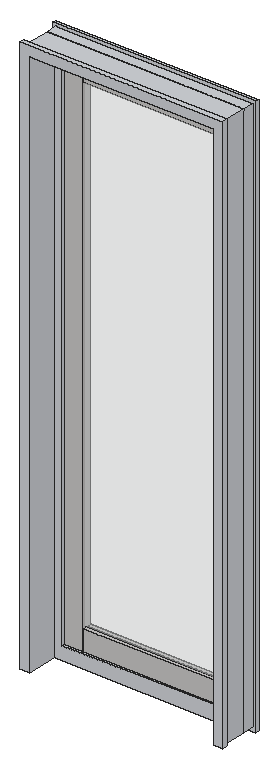
Revit family "APL Residential Thermal Heart Hinged Door Open Out", category Doors, host Wall, Revit 2017
Family settings
  Host = Wall
  OmniClass Number = 23.30.10.00
  OmniClass Title = Doors
  Always vertical = Yes
  Cut with Voids When Loaded = No
  Shared = No
  Room Calculation Point = No
Parameters (values of type "Architrave")
  Rough Width = 815 mm
  Rough Height = 2313 mm
  Reveal Liner = no
  Panel = Rough Width - 95 mm  # 720 mm
  Liner Sill = no
  Liner Head = yes
  Liner End = 10 mm
  Liner = 51 mm
  Jamb Liner 2 = yes
  Jamb Liner 1 = yes
  Groove = 10 mm
  Function = Interior
  Frame Width Sill = 15 mm
  Frame Projection Ext. = 13 mm
  Frame Projection Int. = 20 mm
  Frame Width = 12.5 mm
  Height = Rough Height - 12.5 mm  # 2300.5 mm
  Wall Closure = By host
  Width = Rough Width - 15 mm  # 800 mm
  Architrave = yes
  Analytic Construction = "<None>"
  90° Opening [instance] = no
  15° Opening [instance] = yes
Reference planes
  plane 1: y = 0
  plane 2 "Center (Left/Right)": x = 0
  plane 3 "Left": x = -407.5
  plane 4 "Right": x = 407.5
  plane 5: z = 2313
  plane 6 "Exterior": y = 75
  plane 7 "Interior": y = -75
Forms (mm)
  Extrusion 1, solid, visible <- "Architrave"
    sketch origin (-3050, -75, 0) x (1, 0, 0) y (0, 0, 1)
      loop
        line (2630, 0) -> (2642.5, 0) -> (2642.5, 2313) -> (3457.5, 2313) -> (3457.5, 0) -> (3470, 0) -> (3470, 2325.5) -> (2630, 2325.5) -> (2630, 0)
    from 0 to 20
  Extrusion 2, solid
    sketch origin (0, 0, 0) x (1, 0, 0) y (0, 1, 0)
      loop
        line (-271.167, 77.961) -> (-271.167, 53.752) -> (270.95, 53.752) -> (270.95, 77.961) -> (-271.167, 77.961)
    from 141.653 to 2168.649
  Extrusion 3, solid
    sketch origin (0, 0, 0) x (0, 1, 0) y (0, 0, 1)
      loop
        line (93.461, 2265.457) -> (63.461, 2265.457) -> (63.461, 2168.433) -> (78.451, 2168.433) -> (93.461, 2183.442) -> (93.461, 2265.457)
    from -285.359 to 285.063
  Extrusion 4, solid, visible <- "Architrave"
    sketch origin (0, -32.901, 0) x (1, 0, 0) y (0, 0, 1)
      loop
        line (407.5, 2313) -> (-407.5, 2313) -> (-407.5, 0) -> (-379.424, 0) -> (-379.424, 2285.2) -> (379.424, 2285.2) -> (379.424, 0) -> (407.5, 0) -> (407.5, 2313)
    from -62.788 to 62.099
  Sweep 5, solid, visible <- "Reveal Liner"
    path origin (0, -75, 0) x (1, 0, 0) y (0, 0, 1)
      loop
        line (-407.5, 0) -> (-407.5, 2313) -> (407.5, 2313) -> (407.5, 0)
    profile origin (-407.5, -75, 1156.5) x (-1, 0, 0) y (0, -1, 0)
      loop
        line (-9.076, 20) -> (-28.076, 20) -> (-28.076, -104.887) -> (0, -104.887) -> (0, 0.131) -> (-14.642, 0.131) -> (-14.642, 10) -> (-9.076, 10) -> (-9.076, 20)
  Extrusion 6, solid
    sketch origin (0, 75, 0) x (1, 0, 0) y (0, 0, 1)
      loop
        line (407.5, 2313) -> (-407.5, 2313) -> (-407.5, 0) -> (407.5, 0) -> (407.5, 2313)
      loop
        line (396.8, 2302.3) -> (-396.8, 2302.3) -> (-396.8, 7.8) -> (396.8, 7.8) -> (396.8, 2302.3)
    from 0 to 45.113
  Sweep 7, solid
    path origin (0, 75, 0) x (1, 0, 0) y (0, 0, 1)
      loop
        line (407.5, 2313) -> (-407.5, 2313) -> (-407.5, -2.914) -> (407.5, -2.914) -> (407.5, 2313)
    profile origin (-407.5, 75, 1155.043) x (0, -1, 0) y (1, 0, 0)
      loop
        line (0, -12.5) -> (0, 10.7) -> (45.113, 10.7) -> (45.113, 60.5) -> (33.539, 60.5) -> (33.539, 47.543) -> (-18.461, 47.543) -> (-18.461, 41.5) -> (-20.5, 41.5) -> (-20.5, 5.968) -> (-12.064, -1.111) -> (-12.064, -12.5) -> (0, -12.5)
  Extrusion 8, solid
    sketch origin (0, 0, -12.957) x (0, 1, 0) y (0, 0, 1)
      loop
        line (63.461, 2278.413) -> (41.461, 2278.413) -> (41.461, 2181.389) -> (63.461, 2181.389) -> (63.461, 2278.413)
    from -271.167 to 270.95
  Extrusion 9, solid
    sketch origin (0, 0, -0.55) x (0, 1, 0) y (0, 0, 1)
      loop
        line (63.12, 142.203) -> (41.461, 142.203) -> (41.461, 45.179) -> (63.12, 45.179) -> (63.12, 142.203)
    from -271.167 to 270.95
  Extrusion 10, solid
    sketch origin (0, 0, 2312.086) x (0, 1, 0) y (0, 0, 1)
      loop
        line (93.461, -2267.457) -> (93.461, -2185.442) -> (78.451, -2170.433) -> (63.461, -2170.433) -> (63.461, -2267.457) -> (93.461, -2267.457)
    from -285.359 to 285.063
  Extrusion 11, solid
    sketch origin (-420, 87.064, -15.414) x (0, -1, 0) y (-1, 0, 0)
      loop
        line (45.603, -148.833) -> (45.603, -60.043) -> (23.603, -60.043) -> (23.603, -148.833) -> (45.603, -148.833)
    from -2280.871 to -60.043
  Extrusion 12, solid
    sketch origin (-420, 87.064, -15.414) x (0, -1, 0) y (-1, 0, 0)
      loop
        line (-6.25, -134.787) -> (7.796, -148.833) -> (23.603, -148.833) -> (23.603, -60.043) -> (-6.25, -60.043) -> (-6.25, -134.787)
    from -2280.871 to -60.043
  Extrusion 13, solid
    sketch origin (420, 87.064, -15.414) x (0, 1, 0) y (1, 0, 0)
      loop
        line (-45.603, -149.05) -> (-23.603, -149.05) -> (-23.603, -60.043) -> (-45.603, -60.043) -> (-45.603, -149.05)
    from -2280.871 to -60.043
  Extrusion 14, solid
    sketch origin (420, 87.064, -15.414) x (0, 1, 0) y (1, 0, 0)
      loop
        line (6.397, -134.641) -> (6.397, -60.043) -> (-23.603, -60.043) -> (-23.603, -149.05) -> (-8.013, -149.05) -> (6.397, -134.641)
    from -2280.871 to -60.043
  Extrusion 15, solid
    sketch origin (420, 87.064, -15.414) x (0, 1, 0) y (1, 0, 0)
      loop
        line (-45.603, -149.05) -> (-23.603, -149.05) -> (-23.603, -60.043) -> (-45.603, -60.043) -> (-45.603, -149.05)
    from -2280.871 to -60.043
Cuts and joins
  joined: Extrusion 1, Extrusion 4
  joined: Extrusion 6, Sweep 7
  joined: Extrusion 13, Extrusion 14, Extrusion 15
  joined: Extrusion 11, Extrusion 12
Lines and regions (mm)
  Opening 1
    outline origin (-3050, -75, 0) x (1, 0, 0) y (0, 0, 1)
      loop
        line (2642.5, 0) -> (3457.5, 0) -> (3457.5, 2313) -> (2642.5, 2313) -> (2642.5, 0)
  symbolic lines, style "Elevation Swing"
    curve 1: line (352.941, -75, 1156.5) -> (-359.957, -75, 2258.492)
    curve 2: line (352.941, -75, 1156.5) -> (-359.957, -75, 51.901)
  symbolic lines, style "Plan Swing", visible <- "90° Opening"
    curve 3: line (359.957, 82.064, 0) -> (359.957, 813.461, 0)
    curve 4: arc (359.957, 813.461, 0) -> (-149.099, 602.544, 0) -> (-359.948, 93.461, 0) r 720
  symbolic lines, style "Plan Swing", visible <- "15° Opening"
    curve 5: line (359.957, 93.461, 0) -> (-335.51, 279.81, 0)
    curve 6: arc (-360.043, 93.461, 0) -> (-353.884, 187.439, 0) -> (-335.51, 279.81, 0) r 720
Text (mm)
  text "Exterior" at (-2295.016, 1099.543, 0), in view "Ref. Level"
  text "Exterior" at (0, 1615.38, 3698.081), in view "Left"
  text "Exterior" at (0, 1036.032, 3874.932), in view "Right"
Dimensions and locks
  equal spacing: plane 3 "Left", plane 2 "Center (Left/Right)", plane 4 "Right"
  "Rough Width": plane 3 "Left" to plane 4 "Right"
  "Rough Height": plane 5 to host wall
  equal spacing: host wall, curve 2, plane 5
  host wall to plane 5 = 2313 mm
  "Frame Projection Int.": Extrusion 1 to Extrusion 1
  "Frame Width": plane 3 "Left" to Extrusion 1 sketch curve
  "Frame Width": plane 4 "Right" to Extrusion 1 sketch curve
  "Frame Width": Extrusion 1 sketch curve to plane 5
  locked: plane 6 "Exterior" to host wall at 0
  locked: plane 7 "Interior" to host wall
  nested 1 to plane 5 = 7.5 mm
  Extrusion 6 to plane 6 "Exterior" = 45.113 mm
  Extrusion 3 to Extrusion 6 to Extrusion 6 = 133.867 mm, 10.7 mm
  Extrusion 3 to Extrusion 3 to Extrusion 3 to plane 5 = 15.009 mm locked, 82.014 mm locked, 47.543 mm locked
  locked: Extrusion 2 to plane 5 at 144.351
  Extrusion 10 to Extrusion 10 = 97.024 mm
  locked: cut or joined group of Extrusion 6, Sweep 7 to plane 6 "Exterior" at 45.113
  plane 3 "Left" to cut or joined group of Extrusion 6, Sweep 7 = 60.5 mm
  locked: plane 3 "Left" to Sweep 5 at 28.076
  Sweep 5 to plane 4 "Right" = 28.076 mm
  cut or joined group of Extrusion 6, Sweep 7 to plane 4 "Right" = 60.5 mm
  locked: plane 4 "Right" to Extrusion 3 at 122.437
  locked: plane 3 "Left" to Extrusion 3 at 122.141
  locked: plane 4 "Right" to Extrusion 10 at 122.437
  locked: plane 3 "Left" to Extrusion 10 at 122.141
  locked: plane 3 "Left" to Extrusion 2 at 136.333
  locked: Extrusion 2 to plane 4 "Right" at 136.55
  locked: cut or joined group of Extrusion 13, Extrusion 14, Extrusion 15 to plane 5 at 47.543  (x3)
  locked: cut or joined group of Extrusion 11, Extrusion 12 to plane 5 at 47.543
  locked: plane 5 to cut or joined group of Extrusion 11, Extrusion 12 at 47.543
  locked: level to nested 1 at 5
  "Panel": radius of curve 6
  "Panel": radius of curve 4
  aligned and locked: plane 3 "Left" to Opening 1 sketch curve
  aligned and locked: plane 5 to Opening 1 sketch curve  (x2)
  aligned and locked: Opening 1 sketch curve to plane 4 "Right"
  aligned and locked: Opening 1 sketch curve to level
  aligned and locked: level to Extrusion 1 sketch curve
  aligned and locked: plane 5 to Extrusion 1 sketch curve  (x2)
  aligned and locked: Extrusion 1 sketch curve to plane 4 "Right"
  aligned and locked: plane 3 "Left" to Extrusion 1 sketch curve
  aligned and locked: plane 1 to host wall
  aligned and locked: Extrusion 1 to Extrusion 4
  aligned and locked: Extrusion 1 to level
  aligned and locked: plane 5 to Sweep 5 sketch curve
  aligned and locked: Sweep 5 sketch curve to plane 4 "Right"
  aligned and locked: Sweep 5 sketch curve to plane 3 "Left"
  aligned and locked: cut or joined group of Extrusion 1, Extrusion 4 to Sweep 5 sketch curve
  aligned and locked: Sweep 5 sketch curve to cut or joined group of Extrusion 1, Extrusion 4
  aligned and locked: Sweep 5 sketch curve to profile plane
  aligned and locked: Extrusion 6 to host wall
  aligned and locked: Sweep 5 sketch curve to Extrusion 6
  aligned and locked: Extrusion 4 to Sweep 5  (x2)
  aligned and locked: Extrusion 4 to cut or joined group of Extrusion 6, Sweep 7
  aligned and locked: Extrusion 2 to Extrusion 9
  aligned and locked: Extrusion 9 to Extrusion 2
  aligned and locked: Extrusion 8 to Extrusion 2
  aligned and locked: Extrusion 2 to Extrusion 8
  aligned and locked: cut or joined group of Extrusion 6, Sweep 7 to curve 5
Automatic sketch dimensions
  plane 4 "Right" to curve 2 = 54.559 mm
  plane 5 to curve 1 = 54.508 mm
  level to curve 2 = 51.901 mm
  curve 2 to plane 3 "Left" = 47.543 mm
  curve 1 to plane 3 "Left" = 47.543 mm
  Extrusion 2 sketch curve to host wall = 21.248 mm
  Extrusion 2 sketch curve to plane 3 "Left" = 136.333 mm
  plane 4 "Right" to Extrusion 2 sketch curve = 136.55 mm
  host wall to Extrusion 2 sketch curve = 2.961 mm
  Extrusion 3 sketch curve to host wall = 11.539 mm
  host wall to Extrusion 3 sketch curve = 3.451 mm
  host wall to Extrusion 3 sketch curve = 18.461 mm
  plane 5 to Extrusion 3 sketch curve = 144.567 mm
  Extrusion 3 sketch curve to Extrusion 3 sketch curve = 15.009 mm
  plane 5 to Extrusion 3 sketch curve = 47.543 mm
  plane 3 "Left" to Extrusion 4 sketch curve = 0 mm
  Extrusion 4 sketch curve to level = 0 mm  (x2)
  plane 4 "Right" to Extrusion 4 sketch curve = 0 mm
  Extrusion 4 sketch curve to plane 5 = 0 mm
  Extrusion 4 sketch curve to plane 3 "Left" = 28.076 mm
  plane 4 "Right" to Extrusion 4 sketch curve = 28.076 mm
  plane 5 to Extrusion 4 sketch curve = 27.8 mm
  Sweep 5 sketch curve to level = 0 mm  (x2)
  profile plane to Sweep 5 sketch curve = 14.642 mm
  Sweep 5 sketch curve to Sweep 5 sketch curve = 5.565 mm
  plane 7 "Interior" to Sweep 5 sketch curve = 0.131 mm
  Sweep 5 sketch curve to Sweep 5 sketch curve = 10 mm
  plane 3 "Left" to Extrusion 6 sketch curve = 0 mm
  plane 4 "Right" to Extrusion 6 sketch curve = 0 mm
  Extrusion 6 sketch curve to level = 0 mm
  Extrusion 6 sketch curve to plane 5 = 0 mm
  Extrusion 6 sketch curve to plane 3 "Left" = 10.7 mm
  plane 4 "Right" to Extrusion 6 sketch curve = 10.7 mm
  level to Extrusion 6 sketch curve = 7.8 mm
  plane 5 to Extrusion 6 sketch curve = 10.7 mm
  plane 3 "Left" to Sweep 7 sketch curve = 0 mm
  plane 4 "Right" to Sweep 7 sketch curve = 0 mm
  Sweep 7 sketch curve to plane 5 = 0 mm
  Sweep 7 sketch curve to level = 2.914 mm
  plane 6 "Exterior" to Sweep 7 sketch curve = 0 mm
  profile plane to Sweep 7 sketch curve = 1.111 mm
  Sweep 7 sketch curve to plane 6 "Exterior" = 12.064 mm
  Sweep 7 sketch curve to plane 6 "Exterior" = 18.461 mm
  Sweep 7 sketch curve to Sweep 7 sketch curve = 2.039 mm
  plane 6 "Exterior" to Sweep 7 sketch curve = 33.539 mm
  Sweep 7 sketch curve to profile plane = 10.7 mm
  Sweep 7 sketch curve to Sweep 7 sketch curve = 11.574 mm
  profile plane to Sweep 7 sketch curve = 12.5 mm
  Sweep 7 sketch curve to profile plane = 5.968 mm
  Sweep 7 sketch curve to Sweep 7 sketch curve = 35.532 mm
  Sweep 7 sketch curve to Sweep 7 sketch curve = 6.043 mm
  Sweep 7 sketch curve to Sweep 7 sketch curve = 12.957 mm
  Extrusion 8 sketch curve to host wall = 33.539 mm
  Extrusion 8 sketch curve to host wall = 11.539 mm
  plane 5 to Extrusion 8 sketch curve = 144.567 mm
  plane 5 to Extrusion 8 sketch curve = 47.543 mm
  Extrusion 9 sketch curve to host wall = 33.539 mm
  Extrusion 9 sketch curve to host wall = 11.88 mm
  level to Extrusion 9 sketch curve = 44.629 mm
  Extrusion 9 sketch curve to Extrusion 9 sketch curve = 97.024 mm
  host wall to Extrusion 10 sketch curve = 11.539 mm
  Extrusion 10 sketch curve to host wall = 3.451 mm
  Extrusion 10 sketch curve to host wall = 18.461 mm
  Extrusion 10 sketch curve to level = 141.653 mm
  Extrusion 10 sketch curve to Extrusion 10 sketch curve = 15.009 mm
  Extrusion 10 sketch curve to level = 44.629 mm
  Extrusion 11 sketch curve to Sweep 7 = 11.539 mm
  Extrusion 11 sketch curve to Extrusion 11 sketch curve = 22 mm
  Extrusion 11 sketch curve to Sweep 7 = 60.043 mm
  Extrusion 11 sketch curve to Extrusion 11 sketch curve = 88.79 mm
  Extrusion 12 sketch curve to Sweep 7 = 6.25 mm
  Sweep 7 to Extrusion 12 sketch curve = 4.268 mm
  Extrusion 12 sketch curve to Sweep 7 = 11.539 mm
  Extrusion 12 sketch curve to Sweep 7 = 60.043 mm
  Extrusion 12 sketch curve to Extrusion 12 sketch curve = 74.744 mm
  Extrusion 12 sketch curve to Extrusion 12 sketch curve = 14.046 mm
  Extrusion 13 sketch curve to Sweep 7 = 33.539 mm
  Extrusion 13 sketch curve to Sweep 7 = 11.539 mm
  Sweep 7 to Extrusion 13 sketch curve = 60.043 mm
  Extrusion 13 sketch curve to Extrusion 13 sketch curve = 89.007 mm
  Extrusion 14 sketch curve to Sweep 7 = 11.539 mm
  Sweep 7 to Extrusion 14 sketch curve = 4.051 mm
  Extrusion 14 sketch curve to Sweep 7 = 6.397 mm
  Sweep 7 to Extrusion 14 sketch curve = 60.043 mm
  Extrusion 14 sketch curve to Extrusion 14 sketch curve = 74.597 mm
  Extrusion 14 sketch curve to Extrusion 14 sketch curve = 14.409 mm
  Extrusion 15 sketch curve to Sweep 7 = 33.539 mm
  Extrusion 15 sketch curve to Sweep 7 = 11.539 mm
  Sweep 7 to Extrusion 15 sketch curve = 60.043 mm
  Extrusion 15 sketch curve to Extrusion 15 sketch curve = 89.007 mm
  Extrusion 1 sketch curve to level = 0 mm
  curve 5 to plane 3 "Left" = 71.99 mm
  plane 4 "Right" to curve 3 = 47.543 mm
  curve 6 to curve 5 = 0 mm  (x2)
  curve 5 to curve 4 = 0.095 mm
  curve 5 to curve 4 = 0 mm
  host wall to curve 3 = 7.064 mm
Nested families
  nested 1: "APL Residential Thermal Heart Hinged Door Open Out Vertical Section" at (-420, -269.196, 1020.724) x (0, -1, 0) z (1, 0, 0), Liner <- "Liner", Groove <- "Groove", Liner End <- "Liner End", Box Width <- "Height", type "Groove"
    with Liner End 10 mm, Liner 51 mm, Groove 10 mm, Glass Length 2050.5 mm, Box Width 2300.5 mm
  nested 2: "APL Residential Thermal Heart Hinged Door Open Out Horizontal Section" at (-408.062, 94.873, -15.414) x (-1, 0, 0) z (0, 0, 1), Box Width <- "Width", Liner <- "Liner", Groove <- "Groove", Liner End <- "Liner End", type "Groove"
    with Liner End 10 mm, Liner 51 mm, Groove 10 mm, Glass Length 1 567 mm, Box Width 800 mm
Definition of nested family "APL Residential Thermal Heart Hinged Door Open Out Vertical Section"
  Parameters (values of type "Groove")
    Sill Liner = yes
    Liner End [instance] = 10 mm
    Liner Block = Liner : Liner
    Liner [instance] = 100 mm
    Head Liner = yes
    Groove [instance] = 10 mm
    Glass Length [instance] = Box Width - 250 mm  # 250 mm
    Box Width [instance] = 500 mm
  Types (2, lengths in mm): name | Liner Block
    Groove | Liner : Liner
    No Groove | Liner No Groove : Liner No Groove
  Reference planes
    plane 1 "Front": x = -362.196
    plane 2: z = 0
    plane 3 "Center (Elevation)": y = 134.526
    plane 4: y = 384.526
    plane 5: y = -115.474
    plane 6: x = -303.196
    plane 7: y = -120.474
    plane 8: x = -349.196
    plane 9: x = -303.175
    plane 10: x = -303.196
    plane 11: x = -344.196
  Dimensions and locks
    equal spacing: plane 4, plane 3 "Center (Elevation)", plane 5
    "Box Width": plane 4 to plane 5
    "Liner": plane 6 to nested 1
    locked: plane 5 to plane 7 at 5
    locked: plane 4 to nested 3 at 124.395
    locked: plane 5 to nested 4 at 124.392
    "Liner": plane 10 to nested 6
    locked: plane 8 to plane 11 at 5
    locked: nested 3 to nested 5 at 6.328
    locked: nested 2 to nested 4 at 6.324
    locked: nested 5 to nested 1 at 32.284
    locked: nested 6 to nested 2 at 32.284
    aligned and locked: nested 1 to plane 6
    aligned and locked: nested 6 to plane 10
  Nested families
    nested 1: "Liner" at (-303.196, 363.81, 0), type <- "Liner Block", End Liner <- "Liner End", Groove <- "Groove", visible <- "Head Liner", type "Liner", in view "Left", detail levels fine
      with built-in parameter 1001306 0.32808 (stored number, unit not read)
    nested 2: "Open Out Head&Sill" at (-349.196, -115.474, 0), type "Sill", in view "Left", detail levels fine
    nested 3: "Glazing Bead" at (-346.557, 260.131, 0), Glass Lenght <- "Glass Length", type "DG", in view "Left", detail levels fine
      with Glass Lenght 250 mm
    nested 4: "Glazing Bead" at (-346.557, 8.918, 0), Glass Lenght <- "Glass Length", type "DG", in view "Left", detail levels fine
      with Glass Lenght 250 mm
    nested 5: "Open Out Head&Sill" at (-349.196, 384.526, 0), type "Sill", in view "Left", detail levels fine
    nested 6: "Liner" at (-303.196, -94.758, 0), type <- "Liner Block", End Liner <- "Liner End", Groove <- "Groove", visible <- "Sill Liner", type "Liner", in view "Left", detail levels fine
      with built-in parameter 1001306 0.32808 (stored number, unit not read)
  Definition of nested family "Liner"
    Parameters (values of type "Liner")
      Type Image = (empty or 0)
      built-in parameter 1001306 [instance] = 100 mm
      Groove [instance] = 10 mm
      End Liner [instance] = 10 mm
    Reference planes
      plane 1 "Center (Front/Back)": y = 0
      plane 2: z = 0
      plane 3 "Left": x = 0
      plane 4 "Right": x = 100
    Lines and regions (mm)
      Filled region 1, type "Brick", in view "Ref. Level"
        outline origin (0, 0, 0) x (1, 0, 0) y (0, 1, 0)
          loop
            line (0, 0) -> (120, 0) -> (120, 19) -> (110, 19) -> (110, 13.435) -> (100, 13.435) -> (100, 19) -> (0, 19) -> (0, 0)
      reference lines, in view "Ref. Level"
        curve 1: line (0, 0, 0) -> (100, 0, 0)
      detail lines, in view "Ref. Level", detail levels fine
        curve 2: line (100, 0, 0) -> (0, 0, 0)
    Dimensions and locks
      "built-in parameter 1001306": plane 3 "Left" to plane 4 "Right"
      locked: Filled region 1 to curve 2 at 19
      "Groove": plane 4 "Right" to Filled region 1
      "End Liner": Filled region 1 to Filled region 1
      aligned and locked: plane 1 "Center (Front/Back)" to curve 1
      aligned and locked: plane 3 "Left" to curve 1
      aligned and locked: plane 4 "Right" to curve 1
      aligned and locked: curve 1 to Filled region 1
      aligned and locked: plane 1 "Center (Front/Back)" to Filled region 1
      aligned and locked: Filled region 1 to plane 3 "Left"
    Automatic sketch dimensions
      curve 2 to plane 4 "Right" = 0 mm
      Filled region 1 sketch curve to plane 3 "Left" = 0 mm
      Filled region 1 sketch curve to plane 4 "Right" = 0 mm
      Filled region 1 sketch curve to Filled region 1 sketch curve = 10 mm  (x2)
      Filled region 1 sketch curve to plane 1 "Center (Front/Back)" = 0 mm
      Filled region 1 sketch curve to plane 1 "Center (Front/Back)" = 13.435 mm
      Filled region 1 sketch curve to Filled region 1 sketch curve = 5.565 mm  (x2)
      curve 2 to plane 3 "Left" = 0 mm
  Definition of nested family "Open Out Head&Sill"
    Reference planes
      plane 1 "Center (Front/Back)": y = 0
      plane 2: z = 0
      plane 3 "Center (Left/Right)": x = 0
    Lines and regions (mm)
      detail lines, in view "Ref. Level"
        curve 1: arc (27.921, 138.423, 0) -> (27.611, 138.563, 0) -> (27.449, 138.264, 0) r 0.25
        curve 2: arc (27.475, 128.376, 0) -> (27.637, 128.077, 0) -> (27.948, 128.217, 0) r 0.25
        curve 3: line (27.449, 138.264, 0) -> (28.443, 134.396, 0)
        curve 4: line (28.443, 134.396, 0) -> (27.439, 133.817, 0)
        curve 5: line (27.439, 133.817, 0) -> (27.439, 132.817, 0)
        curve 6: line (27.439, 132.817, 0) -> (28.465, 132.225, 0)
        curve 7: line (28.465, 132.225, 0) -> (27.475, 128.376, 0)
        curve 8: line (27.948, 128.217, 0) -> (29.672, 132.317, 0)
        curve 9: line (29.672, 132.317, 0) -> (30.939, 132.317, 0)
        curve 10: line (30.939, 132.317, 0) -> (30.939, 131.067, 0)
        curve 11: line (30.939, 131.067, 0) -> (31.939, 131.067, 0)
        curve 12: line (31.939, 131.067, 0) -> (31.939, 135.567, 0)
        curve 13: line (31.939, 135.567, 0) -> (30.939, 135.567, 0)
        curve 14: line (30.939, 135.567, 0) -> (30.939, 134.317, 0)
        curve 15: line (30.939, 134.317, 0) -> (29.647, 134.317, 0)
        curve 16: line (29.647, 134.317, 0) -> (27.921, 138.423, 0)
        curve 33: arc (43.239, 49.459, 0) -> (43.098, 49.401, 0) -> (43.039, 49.259, 0) r 0.2
        curve 34: arc (43.039, 46.539, 0) -> (42.981, 46.398, 0) -> (42.839, 46.339, 0) r 0.2
        curve 35: arc (41.739, 46.339, 0) -> (41.032, 46.632, 0) -> (40.739, 47.339, 0) r 1
        curve 36: arc (40.304, 45.421, 0) -> (39.422, 44.539, 0) -> (38.539, 45.421, 0) r 0.882
        curve 37: arc (38.539, 47.651, 0) -> (38.545, 47.752, 0) -> (38.56, 47.852, 0) r 1
        curve 38: arc (39.401, 51.942, 0) -> (39.95, 52.665, 0) -> (40.814, 52.939, 0) r 1.5
        curve 39: arc (42.039, 52.939, 0) -> (42.747, 52.646, 0) -> (43.039, 51.939, 0) r 1
        curve 40: arc (47.988, 51.439, 0) -> (48.168, 51.327, 0) -> (48.146, 51.116, 0) r 0.2
        curve 41: arc (46.796, 48.416, 0) -> (46.657, 48.31, 0) -> (46.487, 48.354, 0) r 0.2
        curve 42: line (43.039, 49.259, 0) -> (43.039, 46.539, 0)
        curve 43: line (42.839, 46.339, 0) -> (42.439, 46.339, 0)
        curve 44: line (42.439, 46.339, 0) -> (41.739, 46.339, 0)
        curve 45: line (40.739, 47.339, 0) -> (40.739, 50.344, 0)
        curve 46: line (40.739, 50.344, 0) -> (40.312, 47.702, 0)
        curve 47: line (40.312, 47.702, 0) -> (40.304, 45.421, 0)
        curve 48: line (38.539, 45.421, 0) -> (38.539, 47.651, 0)
        curve 49: line (38.56, 47.852, 0) -> (39.401, 51.942, 0)
        curve 50: line (40.944, 52.939, 0) -> (42.039, 52.939, 0)
        curve 51: line (43.039, 51.939, 0) -> (43.039, 51.439, 0)
        curve 52: line (43.039, 51.439, 0) -> (47.988, 51.439, 0)
        curve 53: line (48.146, 51.116, 0) -> (46.796, 48.416, 0)
        curve 54: line (46.487, 48.354, 0) -> (45.203, 49.459, 0)
        curve 55: arc (45.203, 49.459, 0) -> (44.221, 49.592, 0) -> (43.239, 49.459, 0) r 3.701
        curve 56: arc (48.146, 51.116, 0) -> (48.168, 51.327, 0) -> (47.988, 51.439, 0) r 0.2
      detail lines, in view "Ref. Level", not visible
        curve 17: arc (27.921, 135.423, 0) -> (27.611, 135.563, 0) -> (27.449, 135.264, 0) r 0.25
        curve 18: arc (27.475, 125.376, 0) -> (27.637, 125.077, 0) -> (27.948, 125.217, 0) r 0.25
        curve 19: line (27.449, 135.264, 0) -> (28.443, 131.396, 0)
        curve 20: line (28.443, 131.396, 0) -> (27.439, 130.817, 0)
        curve 21: line (27.439, 130.817, 0) -> (27.439, 129.817, 0)
        curve 22: line (27.439, 129.817, 0) -> (28.465, 129.225, 0)
        curve 23: line (28.465, 129.225, 0) -> (27.475, 125.376, 0)
        curve 24: line (27.948, 125.217, 0) -> (29.672, 129.317, 0)
        curve 25: line (29.672, 129.317, 0) -> (30.939, 129.317, 0)
        curve 26: line (30.939, 129.317, 0) -> (30.939, 128.067, 0)
        curve 27: line (30.939, 128.067, 0) -> (31.939, 128.067, 0)
        curve 28: line (31.939, 128.067, 0) -> (31.939, 132.567, 0)
        curve 29: line (31.939, 132.567, 0) -> (30.939, 132.567, 0)
        curve 30: line (30.939, 132.567, 0) -> (30.939, 131.317, 0)
        curve 31: line (30.939, 131.317, 0) -> (29.647, 131.317, 0)
        curve 32: line (29.647, 131.317, 0) -> (27.921, 135.423, 0)
        curve 57: arc (43.239, 46.459, 0) -> (43.098, 46.401, 0) -> (43.039, 46.259, 0) r 0.2
        curve 58: arc (43.039, 43.539, 0) -> (42.981, 43.398, 0) -> (42.839, 43.339, 0) r 0.2
        curve 59: arc (41.739, 43.339, 0) -> (41.032, 43.632, 0) -> (40.739, 44.339, 0) r 1
        curve 60: arc (40.304, 42.421, 0) -> (39.422, 41.539, 0) -> (38.539, 42.421, 0) r 0.882
        curve 61: arc (38.539, 44.651, 0) -> (38.545, 44.752, 0) -> (38.56, 44.852, 0) r 1
        curve 62: arc (39.401, 48.942, 0) -> (39.95, 49.665, 0) -> (40.814, 49.939, 0) r 1.5
        curve 63: arc (42.039, 49.939, 0) -> (42.747, 49.646, 0) -> (43.039, 48.939, 0) r 1
        curve 64: arc (47.988, 48.439, 0) -> (48.168, 48.327, 0) -> (48.146, 48.116, 0) r 0.2
        curve 65: arc (46.796, 45.416, 0) -> (46.657, 45.31, 0) -> (46.487, 45.354, 0) r 0.2
        curve 66: line (43.039, 46.259, 0) -> (43.039, 43.539, 0)
        curve 67: line (42.839, 43.339, 0) -> (42.439, 43.339, 0)
        curve 68: line (42.439, 43.339, 0) -> (41.739, 43.339, 0)
        curve 69: line (40.739, 44.339, 0) -> (40.739, 47.344, 0)
        curve 70: line (40.739, 47.344, 0) -> (40.312, 44.702, 0)
        curve 71: line (40.312, 44.702, 0) -> (40.304, 42.421, 0)
        curve 72: line (38.539, 42.421, 0) -> (38.539, 44.651, 0)
        curve 73: line (38.56, 44.852, 0) -> (39.401, 48.942, 0)
        curve 74: line (40.944, 49.939, 0) -> (42.039, 49.939, 0)
        curve 75: line (43.039, 48.939, 0) -> (43.039, 48.439, 0)
        curve 76: line (43.039, 48.439, 0) -> (47.988, 48.439, 0)
        curve 77: line (48.146, 48.116, 0) -> (46.796, 45.416, 0)
        curve 78: line (46.487, 45.354, 0) -> (45.203, 46.459, 0)
        curve 79: arc (45.203, 46.459, 0) -> (44.221, 46.592, 0) -> (43.239, 46.459, 0) r 3.701
        curve 80: arc (48.146, 48.116, 0) -> (48.168, 48.327, 0) -> (47.988, 48.439, 0) r 0.2
    Nested families
      nested 1: "65310_Open Out Frame" at (0, 0, 0), type "65310_Open Out Frame", in view "Ref. Level"
      nested 2: "65200_Rail" at (-12.861, 40.067, 0), type "65200_Rail", in view "Ref. Level"
    Definition of nested family "65310_Open Out Frame"
      Reference planes
        plane 1 "Center (Front/Back)": y = 0
        plane 2: z = 0
        plane 3 "Center (Left/Right)": x = 0
      Lines and regions (mm)
        model lines, in view "Ref. Level"
          curve 1: arc (25.4, 8.561, 0) -> (25.517, 8.844, 0) -> (25.8, 8.961, 0) r 0.4
          curve 2: arc (26.093, 8.961, 0) -> (26.196, 8.947, 0) -> (26.293, 8.907, 0) r 0.4
          curve 3: arc (27.821, 8.022, 0) -> (28.111, 7.902, 0) -> (28.422, 7.861, 0) r 1.2
          curve 4: arc (29.345, 7.861, 0) -> (29.918, 7.68, 0) -> (30.284, 7.203, 0) r 1
          curve 5: arc (31.077, 5.024, 0) -> (31.224, 4.833, 0) -> (31.453, 4.761, 0) r 0.4
          curve 6: arc (37.947, 4.761, 0) -> (38.176, 4.833, 0) -> (38.323, 5.024, 0) r 0.4
          curve 7: arc (39.116, 7.203, 0) -> (39.482, 7.68, 0) -> (40.055, 7.861, 0) r 1
          curve 8: arc (40.978, 7.861, 0) -> (41.289, 7.902, 0) -> (41.579, 8.022, 0) r 1.2
          curve 9: arc (43.107, 8.907, 0) -> (43.204, 8.947, 0) -> (43.307, 8.961, 0) r 0.4
          curve 10: arc (43.6, 8.961, 0) -> (43.883, 8.844, 0) -> (44, 8.561, 0) r 0.4
          curve 11: arc (44, 5.161, 0) -> (43.883, 4.878, 0) -> (43.6, 4.761, 0) r 0.4
          curve 12: arc (43.307, 4.761, 0) -> (43.204, 4.775, 0) -> (43.107, 4.815, 0) r 0.4
          curve 13: arc (41.579, 5.699, 0) -> (41.285, 5.821, 0) -> (40.97, 5.861, 0) r 1.2
          curve 14: arc (40.97, 5.861, 0) -> (40.795, 5.808, 0) -> (40.684, 5.664, 0) r 0.3
          curve 15: arc (39.796, 3.224, 0) -> (39.649, 3.033, 0) -> (39.42, 2.961, 0) r 0.4
          curve 16: arc (29.98, 2.961, 0) -> (29.751, 3.033, 0) -> (29.604, 3.224, 0) r 0.4
          curve 17: arc (28.716, 5.664, 0) -> (28.605, 5.808, 0) -> (28.43, 5.861, 0) r 0.3
          curve 18: arc (28.43, 5.861, 0) -> (28.115, 5.821, 0) -> (27.821, 5.699, 0) r 1.2
          curve 19: arc (26.293, 4.815, 0) -> (26.196, 4.775, 0) -> (26.093, 4.761, 0) r 0.4
          curve 20: arc (25.8, 4.761, 0) -> (25.517, 4.878, 0) -> (25.4, 5.161, 0) r 0.4
          curve 21: line (25.8, 8.961, 0) -> (26.093, 8.961, 0)
          curve 22: line (26.293, 8.907, 0) -> (27.821, 8.022, 0)
          curve 23: line (28.422, 7.861, 0) -> (29.345, 7.861, 0)
          curve 24: line (30.284, 7.203, 0) -> (31.077, 5.024, 0)
          curve 25: line (31.453, 4.761, 0) -> (37.947, 4.761, 0)
          curve 26: line (38.323, 5.024, 0) -> (39.116, 7.203, 0)
          curve 27: line (40.055, 7.861, 0) -> (40.978, 7.861, 0)
          curve 28: line (41.579, 8.022, 0) -> (43.107, 8.907, 0)
          curve 29: line (43.307, 8.961, 0) -> (43.6, 8.961, 0)
          curve 30: line (44, 8.561, 0) -> (44, 5.161, 0)
          curve 31: line (43.6, 4.761, 0) -> (43.307, 4.761, 0)
          curve 32: line (43.107, 4.815, 0) -> (41.579, 5.699, 0)
          curve 33: line (40.684, 5.664, 0) -> (39.796, 3.224, 0)
          curve 34: line (39.42, 2.961, 0) -> (29.98, 2.961, 0)
          curve 35: line (29.604, 3.224, 0) -> (28.716, 5.664, 0)
          curve 36: line (27.821, 5.699, 0) -> (26.293, 4.815, 0)
          curve 37: line (26.093, 4.761, 0) -> (25.8, 4.761, 0)
          curve 38: line (25.4, 5.161, 0) -> (25.4, 8.561, 0)
          curve 39: arc (50, 52.5, 0) -> (49.854, 52.854, 0) -> (49.5, 53, 0) r 0.5
          curve 40: arc (43.2, 53, 0) -> (43.059, 52.941, 0) -> (43, 52.8, 0) r 0.2
          curve 41: arc (43, 51.6, 0) -> (43.059, 51.459, 0) -> (43.2, 51.4, 0) r 0.2
          curve 42: arc (48.3, 51.4, 0) -> (48.441, 51.341, 0) -> (48.5, 51.2, 0) r 0.2
          curve 43: arc (48.5, 48.1, 0) -> (48.441, 47.959, 0) -> (48.3, 47.9, 0) r 0.2
          curve 44: arc (45, 48.65, 0) -> (44.846, 48.881, 0) -> (44.573, 48.827, 0) r 0.25
          curve 45: arc (43, 44.6, 0) -> (43.059, 44.459, 0) -> (43.2, 44.4, 0) r 0.2
          curve 46: arc (43.2, 44.4, 0) -> (43.766, 44.634, 0) -> (44, 45.2, 0) r 0.8
          curve 47: arc (46.4, 46, 0) -> (46.8, 45.6, 0) -> (47.2, 46, 0) r 0.4
          curve 48: arc (46.2, 33.5, 0) -> (46.054, 33.854, 0) -> (45.7, 34, 0) r 0.5
          curve 49: arc (44, 34, 0) -> (43.293, 33.707, 0) -> (43, 33, 0) r 1
          curve 50: arc (43, 32.9, 0) -> (43.088, 32.688, 0) -> (43.3, 32.6, 0) r 0.3
          curve 51: arc (44.858, 32.6, 0) -> (45.363, 31.878, 0) -> (46.2, 31.6, 0) r 1.4
          curve 52: arc (47.9, 31.6, 0) -> (48.041, 31.541, 0) -> (48.1, 31.4, 0) r 0.2
          curve 53: arc (48.1, 26.5, 0) -> (47.807, 25.793, 0) -> (47.1, 25.5, 0) r 1
          curve 54: arc (43.083, 25.5, 0) -> (42.778, 25.301, 0) -> (42.505, 25.543, 0) r 0.3
          curve 55: arc (42.505, 25.543, 0) -> (42.439, 25.681, 0) -> (42.313, 25.768, 0) r 0.3
          curve 56: arc (40.903, 26.282, 0) -> (40.617, 26.238, 0) -> (40.501, 25.974, 0) r 0.3
          curve 57: arc (40.708, 23.608, 0) -> (40.735, 23.508, 0) -> (40.795, 23.422, 0) r 0.3
          curve 58: arc (41.159, 23.059, 0) -> (41.352, 23.007, 0) -> (41.493, 23.148, 0) r 0.2
          curve 59: arc (41.538, 23.316, 0) -> (41.59, 23.405, 0) -> (41.679, 23.457, 0) r 0.2
          curve 60: arc (43.9, 24, 0) -> (44.18, 23.807, 0) -> (44.1, 23.476, 0) r 0.3
          curve 61: arc (44.1, 23.476, 0) -> (44.026, 23.375, 0) -> (44, 23.253, 0) r 0.3
          curve 62: arc (44.194, 19.25, 0) -> (44.158, 19.078, 0) -> (44, 19, 0) r 0.2
          curve 63: arc (43.479, 19, 0) -> (43.398, 19.011, 0) -> (43.323, 19.044, 0) r 0.3
          curve 64: arc (42.069, 19.809, 0) -> (42.072, 19.979, 0) -> (41.966, 20.111, 0) r 0.25
          curve 65: arc (41.88, 20.163, 0) -> (41.65, 20.179, 0) -> (41.505, 20, 0) r 0.25
          curve 66: arc (41.255, 20, 0) -> (41.114, 19.941, 0) -> (41.055, 19.8, 0) r 0.2
          curve 67: arc (41.055, 18.984, 0) -> (41.102, 18.772, 0) -> (41.235, 18.6, 0) r 0.5
          curve 68: arc (43.92, 16.362, 0) -> (44.053, 16.19, 0) -> (44.1, 15.978, 0) r 0.5
          curve 69: arc (44.1, 12.522, 0) -> (44.053, 12.31, 0) -> (43.92, 12.138, 0) r 0.5
          curve 70: arc (41.235, 9.9, 0) -> (41.102, 9.728, 0) -> (41.055, 9.516, 0) r 0.5
          curve 71: arc (41.055, 8.7, 0) -> (41.114, 8.559, 0) -> (41.255, 8.5, 0) r 0.2
          curve 72: arc (41.505, 8.5, 0) -> (41.65, 8.321, 0) -> (41.88, 8.337, 0) r 0.25
          curve 73: arc (41.966, 8.389, 0) -> (42.072, 8.521, 0) -> (42.069, 8.691, 0) r 0.25
          curve 74: arc (43.322, 9.456, 0) -> (43.398, 9.489, 0) -> (43.479, 9.5, 0) r 0.3
          curve 75: arc (44, 9.5, 0) -> (44.158, 9.422, 0) -> (44.194, 9.25, 0) r 0.2
          curve 76: arc (44, 5.247, 0) -> (44.026, 5.125, 0) -> (44.1, 5.024, 0) r 0.3
          curve 77: arc (44.1, 5.024, 0) -> (44.18, 4.693, 0) -> (43.9, 4.5, 0) r 0.3
          curve 78: arc (41.679, 5.043, 0) -> (41.59, 5.095, 0) -> (41.538, 5.184, 0) r 0.2
          curve 79: arc (41.493, 5.352, 0) -> (41.352, 5.493, 0) -> (41.159, 5.441, 0) r 0.2
          curve 80: arc (40.795, 5.078, 0) -> (40.735, 4.992, 0) -> (40.708, 4.892, 0) r 0.3
          curve 81: arc (40.501, 2.526, 0) -> (40.617, 2.262, 0) -> (40.903, 2.218, 0) r 0.3
          curve 82: arc (42.313, 2.732, 0) -> (42.439, 2.819, 0) -> (42.505, 2.957, 0) r 0.3
          curve 83: arc (42.505, 2.957, 0) -> (42.778, 3.199, 0) -> (43.083, 3, 0) r 0.3
          curve 84: arc (44.4, 3, 0) -> (44.541, 2.941, 0) -> (44.6, 2.8, 0) r 0.2
          curve 85: arc (44.6, 1.3, 0) -> (44.981, 0.381, 0) -> (45.9, 0, 0) r 1.3
          curve 86: arc (55.35, 0, 0) -> (56, 0.65, 0) -> (55.35, 1.3, 0) r 0.65
          curve 87: arc (46, 23.1, 0) -> (46.146, 23.454, 0) -> (46.5, 23.6, 0) r 0.5
          curve 88: arc (48.1, 23.6, 0) -> (48.454, 23.454, 0) -> (48.6, 23.1, 0) r 0.5
          curve 89: arc (48.6, 21.2, 0) -> (48.746, 20.846, 0) -> (49.1, 20.7, 0) r 0.5
          curve 90: arc (49.5, 20.7, 0) -> (49.854, 20.846, 0) -> (50, 21.2, 0) r 0.5
          curve 91: line (49.5, 53, 0) -> (43.2, 53, 0)
          curve 92: line (43, 52.8, 0) -> (43, 51.6, 0)
          curve 93: line (43.2, 51.4, 0) -> (48.3, 51.4, 0)
          curve 94: line (48.5, 51.2, 0) -> (48.5, 48.1, 0)
          curve 95: line (48.3, 47.9, 0) -> (45, 47.9, 0)
          curve 96: line (45, 47.9, 0) -> (45, 48.65, 0)
          curve 97: line (44.573, 48.827, 0) -> (43.059, 47.312, 0)
          curve 98: line (43.059, 47.312, 0) -> (43, 44.6, 0)
          curve 99: line (44, 45.2, 0) -> (44, 46.5, 0)
          curve 100: line (44, 46.5, 0) -> (46.4, 46.5, 0)
          curve 101: line (46.4, 46.5, 0) -> (46.4, 46, 0)
          curve 102: line (47.2, 46, 0) -> (47.2, 46.5, 0)
          curve 103: line (47.2, 46.5, 0) -> (48.5, 46.5, 0)
          curve 104: line (48.5, 46.5, 0) -> (48.5, 33, 0)
          curve 105: line (48.5, 33, 0) -> (46.2, 33, 0)
          curve 106: line (46.2, 33, 0) -> (46.2, 33.5, 0)
          curve 107: line (45.7, 34, 0) -> (44, 34, 0)
          curve 108: line (43.3, 32.6, 0) -> (44.858, 32.6, 0)
          curve 109: line (46.2, 31.6, 0) -> (47.9, 31.6, 0)
          curve 110: line (48.1, 31.4, 0) -> (48.1, 26.5, 0)
          curve 111: line (47.1, 25.5, 0) -> (43.083, 25.5, 0)
          curve 112: line (42.313, 25.768, 0) -> (40.903, 26.282, 0)
          curve 113: line (40.501, 25.974, 0) -> (40.708, 23.608, 0)
          curve 114: line (40.795, 23.422, 0) -> (41.159, 23.059, 0)
          curve 115: line (41.493, 23.148, 0) -> (41.538, 23.316, 0)
          curve 116: line (41.538, 23.316, 0) -> (43.668, 23.99, 0)
          curve 117: line (43.668, 23.99, 0) -> (43.9, 24, 0)
          curve 118: line (44, 23.253, 0) -> (44, 20.025, 0)
          curve 119: line (44, 20.025, 0) -> (44.194, 19.25, 0)
          curve 120: line (44, 19, 0) -> (43.479, 19, 0)
          curve 121: line (43.479, 19, 0) -> (42.069, 19.809, 0)
          curve 122: line (41.505, 20, 0) -> (41.255, 20, 0)
          curve 123: line (41.055, 19.8, 0) -> (41.055, 18.984, 0)
          curve 124: line (41.235, 18.6, 0) -> (43.92, 16.362, 0)
          curve 125: line (44.1, 15.978, 0) -> (44.1, 12.522, 0)
          curve 126: line (43.92, 12.138, 0) -> (41.235, 9.9, 0)
          curve 127: line (41.055, 9.516, 0) -> (41.055, 8.7, 0)
          curve 128: line (41.255, 8.5, 0) -> (41.505, 8.5, 0)
          curve 129: line (42.069, 8.691, 0) -> (43.322, 9.456, 0)
          curve 130: line (43.322, 9.456, 0) -> (44, 9.5, 0)
          curve 131: line (44.194, 9.25, 0) -> (44.006, 8.525, 0)
          curve 132: line (44.006, 8.525, 0) -> (44, 5.247, 0)
          curve 133: line (43.746, 4.5, 0) -> (41.679, 5.043, 0)
          curve 134: line (41.679, 5.043, 0) -> (41.493, 5.352, 0)
          curve 135: line (41.159, 5.441, 0) -> (40.795, 5.078, 0)
          curve 136: line (40.708, 4.892, 0) -> (40.501, 2.526, 0)
          curve 137: line (40.903, 2.218, 0) -> (42.313, 2.732, 0)
          curve 138: line (43.083, 3, 0) -> (44.4, 3, 0)
          curve 139: line (44.6, 2.8, 0) -> (44.6, 1.3, 0)
          curve 140: line (45.9, 0, 0) -> (47.7, 0, 0)
          curve 141: line (47.7, 0, 0) -> (48, 0.3, 0)
          curve 142: line (48, 0.3, 0) -> (53.25, 0.3, 0)
          curve 143: line (53.25, 0.3, 0) -> (53.55, 0, 0)
          curve 144: line (53.55, 0, 0) -> (55.35, 0, 0)
          curve 145: line (55.35, 1.3, 0) -> (46, 1.3, 0)
          curve 146: line (46, 1.3, 0) -> (46, 23.1, 0)
          curve 147: line (46.5, 23.6, 0) -> (48.1, 23.6, 0)
          curve 148: line (48.6, 23.1, 0) -> (48.6, 21.2, 0)
          curve 149: line (49.1, 20.7, 0) -> (49.5, 20.7, 0)
          curve 150: line (50, 21.2, 0) -> (50, 52.5, 0)
          curve 151: arc (-4.1, 23.1, 0) -> (-4.241, 23.159, 0) -> (-4.3, 23.3, 0) r 0.2
          curve 152: arc (-4.3, 23.9, 0) -> (-4.359, 24.041, 0) -> (-4.5, 24.1, 0) r 0.2
          curve 153: arc (-4.875, 24.1, 0) -> (-5.496, 24.182, 0) -> (-6.075, 24.422, 0) r 2.4
          curve 154: arc (-13.9, 27.9, 0) -> (-14.041, 27.841, 0) -> (-14.1, 27.7, 0) r 0.2
          curve 155: arc (-14.1, -0.131, 0) -> (-13.951, -0.808, 0) -> (-13.528, -1.359, 0) r 1.6
          curve 156: arc (-7.044, -6.8, 0) -> (-6.701, -6.916, 0) -> (-6.369, -6.77, 0) r 0.5
          curve 157: arc (-1.693, -2.094, 0) -> (-1.476, -1.769, 0) -> (-1.4, -1.386, 0) r 1
          curve 158: arc (-1.4, 3.2, 0) -> (-0.844, 4.544, 0) -> (0.5, 5.1, 0) r 1.9
          curve 159: arc (23.3, 5.1, 0) -> (23.441, 5.159, 0) -> (23.5, 5.3, 0) r 0.2
          curve 160: arc (23.5, 16.1, 0) -> (23.441, 16.241, 0) -> (23.3, 16.3, 0) r 0.2
          curve 161: arc (18.3, 16.3, 0) -> (18.159, 16.359, 0) -> (18.1, 16.5, 0) r 0.2
          curve 162: arc (18.1, 17.7, 0) -> (18.159, 17.841, 0) -> (18.3, 17.9, 0) r 0.2
          curve 163: arc (23.3, 17.9, 0) -> (23.441, 17.959, 0) -> (23.5, 18.1, 0) r 0.2
          curve 164: arc (23.5, 23.9, 0) -> (23.441, 24.041, 0) -> (23.3, 24.1, 0) r 0.2
          curve 165: arc (16.301, 24.1, 0) -> (16.159, 24.042, 0) -> (16.1, 23.9, 0) r 0.2
          curve 166: arc (16.1, 23.3, 0) -> (16.041, 23.159, 0) -> (15.9, 23.1, 0) r 0.2
          curve 167: arc (11.3, 23.1, 0) -> (11.159, 23.159, 0) -> (11.1, 23.3, 0) r 0.2
          curve 168: arc (11.1, 23.9, 0) -> (11.041, 24.041, 0) -> (10.9, 24.1, 0) r 0.2
          curve 169: arc (2.7, 24.1, 0) -> (2.559, 24.041, 0) -> (2.5, 23.9, 0) r 0.2
          curve 170: arc (2.5, 16.5, 0) -> (2.441, 16.359, 0) -> (2.3, 16.3, 0) r 0.2
          curve 171: arc (1.3, 16.3, 0) -> (1.159, 16.359, 0) -> (1.1, 16.5, 0) r 0.2
          curve 172: arc (1.1, 22.9, 0) -> (1.041, 23.041, 0) -> (0.9, 23.1, 0) r 0.2
          curve 173: arc (26.317, 25.5, 0) -> (26.622, 25.301, 0) -> (26.895, 25.543, 0) r 0.3
          curve 174: arc (26.895, 25.543, 0) -> (26.961, 25.681, 0) -> (27.087, 25.768, 0) r 0.3
          curve 175: arc (28.497, 26.282, 0) -> (28.783, 26.238, 0) -> (28.899, 25.974, 0) r 0.3
          curve 176: arc (28.692, 23.608, 0) -> (28.665, 23.508, 0) -> (28.605, 23.422, 0) r 0.3
          curve 177: arc (28.241, 23.059, 0) -> (28.048, 23.007, 0) -> (27.907, 23.148, 0) r 0.2
          curve 178: arc (27.862, 23.316, 0) -> (27.81, 23.405, 0) -> (27.721, 23.457, 0) r 0.2
          curve 179: arc (25.5, 24, 0) -> (25.22, 23.807, 0) -> (25.3, 23.476, 0) r 0.3
          curve 180: arc (25.3, 23.476, 0) -> (25.374, 23.375, 0) -> (25.4, 23.253, 0) r 0.3
          curve 181: arc (25.206, 19.25, 0) -> (25.242, 19.078, 0) -> (25.4, 19, 0) r 0.2
          curve 182: arc (25.921, 19, 0) -> (26.002, 19.011, 0) -> (26.077, 19.044, 0) r 0.3
          curve 183: arc (27.331, 19.809, 0) -> (27.328, 19.979, 0) -> (27.434, 20.111, 0) r 0.25
          curve 184: arc (27.52, 20.163, 0) -> (27.75, 20.179, 0) -> (27.895, 20, 0) r 0.25
          curve 185: arc (28.145, 20, 0) -> (28.286, 19.941, 0) -> (28.345, 19.8, 0) r 0.2
          curve 186: arc (28.345, 18.984, 0) -> (28.298, 18.772, 0) -> (28.165, 18.6, 0) r 0.5
          curve 187: arc (25.58, 16.446, 0) -> (25.447, 16.274, 0) -> (25.4, 16.062, 0) r 0.5
          curve 188: arc (25.4, 12.438, 0) -> (25.447, 12.226, 0) -> (25.58, 12.054, 0) r 0.5
          curve 189: arc (28.165, 9.9, 0) -> (28.298, 9.728, 0) -> (28.345, 9.516, 0) r 0.5
          curve 190: arc (28.345, 8.7, 0) -> (28.286, 8.559, 0) -> (28.145, 8.5, 0) r 0.2
          curve 191: arc (27.895, 8.5, 0) -> (27.75, 8.321, 0) -> (27.52, 8.337, 0) r 0.25
          curve 192: arc (27.434, 8.389, 0) -> (27.328, 8.521, 0) -> (27.331, 8.691, 0) r 0.25
          curve 193: arc (26.078, 9.456, 0) -> (26.002, 9.489, 0) -> (25.921, 9.5, 0) r 0.3
          curve 194: arc (25.4, 9.5, 0) -> (25.242, 9.422, 0) -> (25.206, 9.25, 0) r 0.2
          curve 195: arc (25.4, 5.247, 0) -> (25.374, 5.125, 0) -> (25.3, 5.024, 0) r 0.3
          curve 196: arc (25.3, 5.024, 0) -> (25.22, 4.693, 0) -> (25.5, 4.5, 0) r 0.3
          curve 197: arc (27.721, 5.043, 0) -> (27.81, 5.095, 0) -> (27.862, 5.184, 0) r 0.2
          curve 198: arc (27.907, 5.352, 0) -> (28.048, 5.493, 0) -> (28.241, 5.441, 0) r 0.2
          curve 199: arc (28.605, 5.078, 0) -> (28.665, 4.992, 0) -> (28.692, 4.892, 0) r 0.3
          curve 200: arc (28.899, 2.526, 0) -> (28.783, 2.262, 0) -> (28.497, 2.218, 0) r 0.3
          curve 201: arc (27.087, 2.732, 0) -> (26.961, 2.819, 0) -> (26.895, 2.957, 0) r 0.3
          curve 202: arc (26.895, 2.957, 0) -> (26.622, 3.199, 0) -> (26.317, 3, 0) r 0.3
          curve 203: arc (24, 3, 0) -> (23.704, 3.097, 0) -> (23.523, 3.35, 0) r 0.5
          curve 204: arc (23.523, 3.35, 0) -> (23.342, 3.603, 0) -> (23.046, 3.7, 0) r 0.5
          curve 205: arc (0.5, 3.7, 0) -> (0.146, 3.554, 0) -> (0, 3.2, 0) r 0.5
          curve 206: arc (0, -1.801, 0) -> (-0.107, -2.336, 0) -> (-0.41, -2.791, 0) r 1.4
          curve 207: arc (-5.407, -7.787, 0) -> (-5.624, -8.112, 0) -> (-5.7, -8.495, 0) r 1
          curve 208: arc (-5.7, -14.159, 0) -> (-5.623, -14.316, 0) -> (-5.452, -14.353, 0) r 0.2
          curve 209: arc (-5.452, -14.353, 0) -> (-4.643, -14.677, 0) -> (-4.687, -15.548, 0) r 0.75
          curve 210: arc (-4.687, -15.548, 0) -> (-5.025, -16.505, 0) -> (-4.687, -17.462, 0) r 1.525
          curve 211: arc (-4.687, -17.462, 0) -> (-4.594, -17.613, 0) -> (-4.539, -17.781, 0) r 0.75
          curve 212: arc (-4.539, -17.781, 0) -> (-4.442, -17.992, 0) -> (-4.26, -18.136, 0) r 0.5
          curve 213: arc (-4.26, -18.136, 0) -> (-3.5, -18.305, 0) -> (-2.74, -18.137, 0) r 1.8
          curve 214: arc (-2.74, -18.137, 0) -> (-2.558, -17.992, 0) -> (-2.461, -17.78, 0) r 0.5
          curve 215: arc (-2.461, -17.78, 0) -> (-2.406, -17.612, 0) -> (-2.312, -17.461, 0) r 0.737
          curve 216: arc (-2.312, -17.461, 0) -> (-1.975, -16.505, 0) -> (-2.312, -15.549, 0) r 1.525
          curve 217: arc (-2.312, -15.549, 0) -> (-2.2, -14.512, 0) -> (-1.163, -14.624, 0) r 0.737
          curve 218: arc (-1.163, -14.624, 0) -> (-0.507, -16.296, 0) -> (-0.924, -18.044, 0) r 3
          curve 219: arc (-0.924, -18.044, 0) -> (-0.93, -18.547, 0) -> (-0.495, -18.8, 0) r 0.5
          curve 220: arc (-0.2, -18.8, 0) -> (-0.059, -18.859, 0) -> (0, -19, 0) r 0.2
          curve 221: arc (0, -19.8, 0) -> (-0.059, -19.941, 0) -> (-0.2, -20, 0) r 0.2
          curve 222: arc (-6, -20, 0) -> (-6.707, -19.707, 0) -> (-7, -19, 0) r 1
          curve 223: arc (-7, -10.063, 0) -> (-7.281, -8.795, 0) -> (-8.072, -7.765, 0) r 3
          curve 224: arc (-14.428, -2.431, 0) -> (-15.219, -1.401, 0) -> (-15.5, -0.133, 0) r 3
          curve 225: arc (-15.5, 33, 0) -> (-15.207, 33.707, 0) -> (-14.5, 34, 0) r 1
          curve 226: arc (-12.1, 34, 0) -> (-11.393, 33.707, 0) -> (-11.1, 33, 0) r 1
          curve 227: arc (-11.1, 32.9, 0) -> (-11.188, 32.688, 0) -> (-11.4, 32.6, 0) r 0.3
          curve 228: arc (-12.1, 29.3, 0) -> (-11.738, 29.252, 0) -> (-11.4, 29.112, 0) r 1.4
          curve 229: arc (-5.375, 25.634, 0) -> (-5.134, 25.534, 0) -> (-4.875, 25.5, 0) r 1
          curve 230: line (0.9, 23.1, 0) -> (-4.1, 23.1, 0)
          curve 231: line (-4.3, 23.3, 0) -> (-4.3, 23.9, 0)
          curve 232: line (-4.5, 24.1, 0) -> (-4.875, 24.1, 0)
          curve 233: line (-6.075, 24.422, 0) -> (-12.054, 27.873, 0)
          curve 234: line (-12.054, 27.873, 0) -> (-13.9, 27.9, 0)
          curve 235: line (-14.1, 27.7, 0) -> (-14.1, -0.131, 0)
          curve 236: line (-13.528, -1.359, 0) -> (-7.044, -6.8, 0)
          curve 237: line (-6.369, -6.77, 0) -> (-1.693, -2.094, 0)
          curve 238: line (-1.4, -1.386, 0) -> (-1.4, 3.2, 0)
          curve 239: line (0.5, 5.1, 0) -> (23.3, 5.1, 0)
          curve 240: line (23.5, 5.3, 0) -> (23.5, 16.1, 0)
          curve 241: line (23.3, 16.3, 0) -> (18.3, 16.3, 0)
          curve 242: line (18.1, 16.5, 0) -> (18.1, 17.7, 0)
          curve 243: line (18.3, 17.9, 0) -> (23.3, 17.9, 0)
          curve 244: line (23.5, 18.1, 0) -> (23.5, 23.9, 0)
          curve 245: line (23.3, 24.1, 0) -> (16.301, 24.1, 0)
          curve 246: line (16.1, 23.9, 0) -> (16.1, 23.3, 0)
          curve 247: line (15.9, 23.1, 0) -> (11.3, 23.1, 0)
          curve 248: line (11.1, 23.3, 0) -> (11.1, 23.9, 0)
          curve 249: line (10.9, 24.1, 0) -> (2.7, 24.1, 0)
          curve 250: line (2.5, 23.9, 0) -> (2.5, 16.5, 0)
          curve 251: line (2.3, 16.3, 0) -> (1.3, 16.3, 0)
          curve 252: line (1.1, 16.5, 0) -> (1.1, 22.9, 0)
          curve 253: line (27.087, 25.768, 0) -> (28.497, 26.282, 0)
          curve 254: line (28.899, 25.974, 0) -> (28.692, 23.608, 0)
          curve 255: line (28.605, 23.422, 0) -> (28.241, 23.059, 0)
          curve 256: line (27.907, 23.148, 0) -> (27.862, 23.316, 0)
          curve 257: line (27.862, 23.316, 0) -> (25.732, 23.99, 0)
          curve 258: line (25.732, 23.99, 0) -> (25.5, 24, 0)
          curve 259: line (25.4, 23.253, 0) -> (25.4, 20.025, 0)
          curve 260: line (25.4, 20.025, 0) -> (25.206, 19.25, 0)
          curve 261: line (25.4, 19, 0) -> (25.921, 19, 0)
          curve 262: line (25.921, 19, 0) -> (27.331, 19.809, 0)
          curve 263: line (27.895, 20, 0) -> (28.145, 20, 0)
          curve 264: line (28.345, 19.8, 0) -> (28.345, 18.984, 0)
          curve 265: line (28.165, 18.6, 0) -> (25.58, 16.446, 0)
          curve 266: line (25.4, 16.062, 0) -> (25.4, 12.438, 0)
          curve 267: line (25.58, 12.054, 0) -> (28.165, 9.9, 0)
          curve 268: line (28.345, 9.516, 0) -> (28.345, 8.7, 0)
          curve 269: line (28.145, 8.5, 0) -> (27.895, 8.5, 0)
          curve 270: line (27.331, 8.691, 0) -> (26.078, 9.456, 0)
          curve 271: line (26.078, 9.456, 0) -> (25.4, 9.5, 0)
          curve 272: line (25.206, 9.25, 0) -> (25.394, 8.525, 0)
          curve 273: line (25.394, 8.525, 0) -> (25.4, 5.247, 0)
          curve 274: line (25.654, 4.5, 0) -> (27.721, 5.043, 0)
          curve 275: line (27.721, 5.043, 0) -> (27.907, 5.352, 0)
          curve 276: line (28.241, 5.441, 0) -> (28.605, 5.078, 0)
          curve 277: line (28.692, 4.892, 0) -> (28.899, 2.526, 0)
          curve 278: line (28.497, 2.218, 0) -> (27.087, 2.732, 0)
          curve 279: line (26.317, 3, 0) -> (24, 3, 0)
          curve 280: line (23.046, 3.7, 0) -> (17.783, 3.7, 0)
          curve 281: line (17.783, 3.7, 0) -> (17.559, 3.559, 0)
          curve 282: line (17.559, 3.559, 0) -> (12.4, 3.5, 0)
          curve 283: line (12.4, 3.5, 0) -> (12, 3.9, 0)
          curve 284: line (12, 3.9, 0) -> (11.6, 3.5, 0)
          curve 285: line (11.6, 3.5, 0) -> (6.583, 3.5, 0)
          curve 286: line (6.583, 3.5, 0) -> (6.359, 3.641, 0)
          curve 287: line (6.359, 3.641, 0) -> (0.5, 3.7, 0)
          curve 288: line (0, 3.2, 0) -> (0, -1.801, 0)
          curve 289: line (-0.41, -2.791, 0) -> (-5.407, -7.787, 0)
          curve 290: line (-5.7, -8.495, 0) -> (-5.7, -14.159, 0)
          curve 291: line (-0.495, -18.8, 0) -> (-0.2, -18.8, 0)
          curve 292: line (0, -19, 0) -> (0, -19.8, 0)
          curve 293: line (-0.2, -20, 0) -> (-6, -20, 0)
          curve 294: line (-7, -19, 0) -> (-7, -10.063, 0)
          curve 295: line (-8.072, -7.765, 0) -> (-14.428, -2.431, 0)
          curve 296: line (-15.5, -0.133, 0) -> (-15.5, 33, 0)
          curve 297: line (-14.5, 34, 0) -> (-12.1, 34, 0)
          curve 298: line (-11.4, 32.6, 0) -> (-14.1, 32.6, 0)
          curve 299: line (-14.1, 32.6, 0) -> (-14.1, 29.3, 0)
          curve 300: line (-14.1, 29.3, 0) -> (-12.1, 29.3, 0)
          curve 301: line (-11.4, 29.112, 0) -> (-5.375, 25.634, 0)
          curve 302: line (-4.875, 25.5, 0) -> (-2, 25.5, 0)
          curve 303: line (-2, 25.5, 0) -> (-1.6, 25.1, 0)
          curve 304: line (-1.6, 25.1, 0) -> (-1.2, 25.5, 0)
          curve 305: line (-1.2, 25.5, 0) -> (4.1, 25.5, 0)
          curve 306: line (4.1, 25.5, 0) -> (4.5, 25.1, 0)
          curve 307: line (4.5, 25.1, 0) -> (4.9, 25.5, 0)
          curve 308: line (4.9, 25.5, 0) -> (26.317, 25.5, 0)
          curve 309: arc (25.4, 19.939, 0) -> (25.517, 19.656, 0) -> (25.8, 19.539, 0) r 0.4
          curve 310: arc (26.093, 19.539, 0) -> (26.196, 19.553, 0) -> (26.293, 19.593, 0) r 0.4
          curve 311: arc (27.821, 20.478, 0) -> (28.111, 20.598, 0) -> (28.422, 20.639, 0) r 1.2
          curve 312: arc (29.345, 20.639, 0) -> (29.918, 20.82, 0) -> (30.284, 21.297, 0) r 1
          curve 313: arc (31.077, 23.476, 0) -> (31.224, 23.667, 0) -> (31.453, 23.739, 0) r 0.4
          curve 314: arc (37.947, 23.739, 0) -> (38.176, 23.667, 0) -> (38.323, 23.476, 0) r 0.4
          curve 315: arc (39.116, 21.297, 0) -> (39.482, 20.82, 0) -> (40.055, 20.639, 0) r 1
          curve 316: arc (40.978, 20.639, 0) -> (41.289, 20.598, 0) -> (41.579, 20.478, 0) r 1.2
          curve 317: arc (43.107, 19.593, 0) -> (43.204, 19.553, 0) -> (43.307, 19.539, 0) r 0.4
          curve 318: arc (43.6, 19.539, 0) -> (43.883, 19.656, 0) -> (44, 19.939, 0) r 0.4
          curve 319: arc (44, 23.339, 0) -> (43.883, 23.622, 0) -> (43.6, 23.739, 0) r 0.4
          curve 320: arc (43.307, 23.739, 0) -> (43.204, 23.725, 0) -> (43.107, 23.685, 0) r 0.4
          curve 321: arc (41.579, 22.801, 0) -> (41.285, 22.679, 0) -> (40.97, 22.639, 0) r 1.2
          curve 322: arc (40.97, 22.639, 0) -> (40.795, 22.692, 0) -> (40.684, 22.836, 0) r 0.3
          curve 323: arc (39.796, 25.276, 0) -> (39.649, 25.467, 0) -> (39.42, 25.539, 0) r 0.4
          curve 324: arc (29.98, 25.539, 0) -> (29.751, 25.467, 0) -> (29.604, 25.276, 0) r 0.4
          curve 325: arc (28.716, 22.836, 0) -> (28.605, 22.692, 0) -> (28.43, 22.639, 0) r 0.3
          curve 326: arc (28.43, 22.639, 0) -> (28.115, 22.679, 0) -> (27.821, 22.801, 0) r 1.2
          curve 327: arc (26.293, 23.685, 0) -> (26.196, 23.725, 0) -> (26.093, 23.739, 0) r 0.4
          curve 328: arc (25.8, 23.739, 0) -> (25.517, 23.622, 0) -> (25.4, 23.339, 0) r 0.4
          curve 329: line (25.8, 19.539, 0) -> (26.093, 19.539, 0)
          curve 330: line (26.293, 19.593, 0) -> (27.821, 20.478, 0)
          curve 331: line (28.422, 20.639, 0) -> (29.345, 20.639, 0)
          curve 332: line (30.284, 21.297, 0) -> (31.077, 23.476, 0)
          curve 333: line (31.453, 23.739, 0) -> (37.947, 23.739, 0)
          curve 334: line (38.323, 23.476, 0) -> (39.116, 21.297, 0)
          curve 335: line (40.055, 20.639, 0) -> (40.978, 20.639, 0)
          curve 336: line (41.579, 20.478, 0) -> (43.107, 19.593, 0)
          curve 337: line (43.307, 19.539, 0) -> (43.6, 19.539, 0)
          curve 338: line (44, 19.939, 0) -> (44, 23.339, 0)
          curve 339: line (43.6, 23.739, 0) -> (43.307, 23.739, 0)
          curve 340: line (43.107, 23.685, 0) -> (41.579, 22.801, 0)
          curve 341: line (40.684, 22.836, 0) -> (39.796, 25.276, 0)
          curve 342: line (39.42, 25.539, 0) -> (29.98, 25.539, 0)
          curve 343: line (29.604, 25.276, 0) -> (28.716, 22.836, 0)
          curve 344: line (27.821, 22.801, 0) -> (26.293, 23.685, 0)
          curve 345: line (26.093, 23.739, 0) -> (25.8, 23.739, 0)
          curve 346: line (25.4, 23.339, 0) -> (25.4, 19.939, 0)
      Text (mm)
        text "65310" at (6.108, 51.612, 0), in view "Ref. Level"
    Definition of nested family "65200_Rail"
      Reference planes
        plane 1 "Center (Front/Back)": y = 0
        plane 2: z = 0
        plane 3 "Center (Left/Right)": x = 0
      Lines and regions (mm)
        model lines, in view "Ref. Level"
          curve 1: arc (21.508, 72.285, 0) -> (21.289, 71.405, 0) -> (21.948, 70.781, 0) r 0.9
          curve 2: arc (21.948, 70.781, 0) -> (22.059, 70.711, 0) -> (22.103, 70.587, 0) r 0.2
          curve 3: arc (22.103, 69.98, 0) -> (22.249, 69.626, 0) -> (22.603, 69.48, 0) r 0.5
